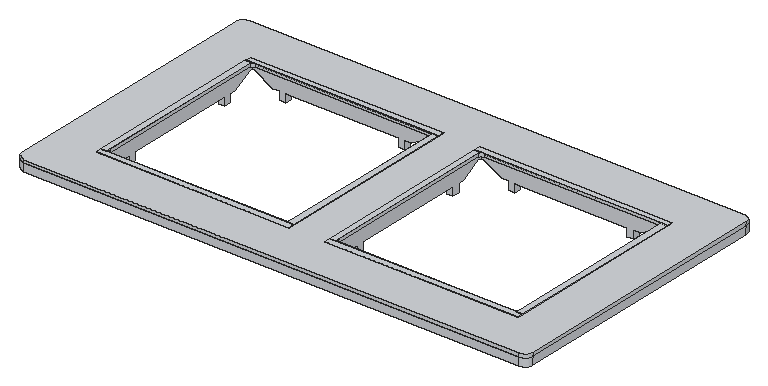
Revit family "Gira_0212095", category Electrical Fixtures, host Face, Revit 2017
Family settings
  Host = Face
  Maintain Annotation Orientation = No
  Round Connector Dimension = Use Diameter
  Part Type = Normal
  Cut with Voids When Loaded = No
  Shared = No
  Room Calculation Point = No
Parameters (values of type "Cov.fr. 2-g flat Gira E2 black m")
  URL = "http://katalog.gira.de/en/datenblatt.html?artikelnr=0212095"
  Transparent = "No"
  Name = "Cov.fr. 2-g flat Gira E2 black m"
  Manufacturer URL = "https://www.gira.de/"
  Manufacturer = "Gira"
  Label space/information surface = "No"
  Keynote = ""
  HeinzeBIM = "https://bimportal.heinze.de/bim/cov-fr-2-g-flat-gira-e2-black-m/b29439ce72c3b930c9daee5956fd7e10258e72eb"
  HAN = "0212095"
  GTIN = "4010337036777"
  Description = "Cov.fr.2g flat E2 BKm,Gira E2 cover frame for flat installation,black matt,2-gang,"
  Default Elevation = 1219.2 mm
  Data sheet (1) = "https://katalog.gira.de/en/download.html?artikelnr=0212095"
  Category = "Cover frame for domestic switching devices"
  BIM (1) = "https://media.stage.bim.site/public/gira/36a6b08/E2flach_Rahmen_2fach.rfa"
  Available = "No"
Reference planes
  plane 1 "Center (Front/Back)": y = 0
  plane 2: z = 0
  plane 3 "Center (Left/Right)": x = 0
Forms (mm)
  Extrusion 1, solid, detail levels fine
    sketch origin (0, 0, 0) x (1, 0, 0) y (0, 1, 0)
      loop
        arc (-77, 43.9) -> (-78.768, 43.168) -> (-79.5, 41.4) r 2.5
        line (-79.5, 41.4) -> (-79.5, -41.4)
        arc (-79.5, -41.4) -> (-78.768, -43.168) -> (-77, -43.9) r 2.5
        line (-77, -43.9) -> (77, -43.9)
        arc (77, -43.9) -> (78.768, -43.168) -> (79.5, -41.4) r 2.5
        line (79.5, -41.4) -> (79.5, 41.4)
        arc (79.5, 41.4) -> (78.768, 43.168) -> (77, 43.9) r 2.5
        line (77, 43.9) -> (-77, 43.9)
      loop
        spline (-63.744, -27.245) -> (-63.736, -27.363) -> (-63.713, -27.478) -> (-63.675, -27.589) -> (-63.623, -27.695) -> (-63.558, -27.792) -> (-63.481, -27.881) -> (-63.392, -27.958) -> (-63.295, -28.023) -> (-63.189, -28.075) -> (-63.078, -28.113) -> (-62.963, -28.136) -> (-62.845, -28.144)
        line (-62.845, -28.144) -> (-8.355, -28.144)
        spline (-8.355, -28.144) -> (-8.237, -28.136) -> (-8.122, -28.113) -> (-8.011, -28.075) -> (-7.905, -28.023) -> (-7.808, -27.958) -> (-7.719, -27.881) -> (-7.642, -27.792) -> (-7.577, -27.695) -> (-7.525, -27.589) -> (-7.487, -27.478) -> (-7.464, -27.363) -> (-7.456, -27.245)
        line (-7.456, -27.245) -> (-7.456, 27.245)
        spline (-7.456, 27.245) -> (-7.464, 27.363) -> (-7.487, 27.478) -> (-7.525, 27.589) -> (-7.577, 27.695) -> (-7.642, 27.792) -> (-7.719, 27.881) -> (-7.808, 27.958) -> (-7.905, 28.023) -> (-8.011, 28.075) -> (-8.122, 28.113) -> (-8.237, 28.136) -> (-8.355, 28.144)
        line (-8.355, 28.144) -> (-62.845, 28.144)
        spline (-62.845, 28.144) -> (-62.963, 28.136) -> (-63.078, 28.113) -> (-63.189, 28.075) -> (-63.295, 28.023) -> (-63.392, 27.958) -> (-63.481, 27.881) -> (-63.558, 27.792) -> (-63.623, 27.695) -> (-63.675, 27.589) -> (-63.713, 27.478) -> (-63.736, 27.363) -> (-63.744, 27.245)
        line (-63.744, 27.245) -> (-63.744, -27.245)
      loop
        spline (62.845, -28.144) -> (62.963, -28.136) -> (63.078, -28.113) -> (63.189, -28.075) -> (63.295, -28.023) -> (63.392, -27.958) -> (63.481, -27.881) -> (63.558, -27.792) -> (63.623, -27.695) -> (63.675, -27.589) -> (63.713, -27.478) -> (63.736, -27.363) -> (63.744, -27.245)
        line (63.744, -27.245) -> (63.744, 27.245)
        spline (63.744, 27.245) -> (63.736, 27.363) -> (63.713, 27.478) -> (63.675, 27.589) -> (63.623, 27.695) -> (63.558, 27.792) -> (63.481, 27.881) -> (63.392, 27.958) -> (63.295, 28.023) -> (63.189, 28.075) -> (63.078, 28.113) -> (62.963, 28.136) -> (62.845, 28.144)
        line (62.845, 28.144) -> (8.355, 28.144)
        spline (8.355, 28.144) -> (8.237, 28.136) -> (8.122, 28.113) -> (8.011, 28.075) -> (7.905, 28.023) -> (7.808, 27.958) -> (7.719, 27.881) -> (7.642, 27.792) -> (7.577, 27.695) -> (7.525, 27.589) -> (7.487, 27.478) -> (7.464, 27.363) -> (7.456, 27.245)
        line (7.456, 27.245) -> (7.456, -27.245)
        spline (7.456, -27.245) -> (7.464, -27.363) -> (7.487, -27.478) -> (7.525, -27.589) -> (7.577, -27.695) -> (7.642, -27.792) -> (7.719, -27.881) -> (7.808, -27.958) -> (7.905, -28.023) -> (8.011, -28.075) -> (8.122, -28.113) -> (8.237, -28.136) -> (8.355, -28.144)
        line (8.355, -28.144) -> (62.845, -28.144)
    from 2.5 to 3.4
  Extrusion 2, solid, detail levels fine
    sketch origin (0, 0, 0) x (1, 0, 0) y (0, 1, 0)
      loop
        arc (-77, 43.9) -> (-78.768, 43.168) -> (-79.5, 41.4) r 2.5
        line (-79.5, 41.4) -> (-79.5, -41.4)
        arc (-79.5, -41.4) -> (-78.768, -43.168) -> (-77, -43.9) r 2.5
        line (-77, -43.9) -> (77, -43.9)
        arc (77, -43.9) -> (78.768, -43.168) -> (79.5, -41.4) r 2.5
        line (79.5, -41.4) -> (79.5, 41.4)
        arc (79.5, 41.4) -> (78.768, 43.168) -> (77, 43.9) r 2.5
        line (77, 43.9) -> (-77, 43.9)
      loop
        arc (-77, 43.4) -> (-78.414, 42.814) -> (-79, 41.4) r 2
        line (-79, 41.4) -> (-79, -41.4)
        arc (-79, -41.4) -> (-78.414, -42.814) -> (-77, -43.4) r 2
        line (-77, -43.4) -> (77, -43.4)
        arc (77, -43.4) -> (78.414, -42.814) -> (79, -41.4) r 2
        line (79, -41.4) -> (79, 41.4)
        arc (79, 41.4) -> (78.414, 42.814) -> (77, 43.4) r 2
        line (77, 43.4) -> (-77, 43.4)
    from 0 to 2.5
  Extrusion 3, solid, detail levels fine
    sketch origin (-35.6, 0, 0) x (1, 0, 0) y (0, 0, 1)
      loop
        line (-17.5, -4.06) -> (-17.5, -1.56) -> (17.5, -1.56) -> (17.5, -4.06) -> (19.5, -4.06) -> (19.5, -1.56) -> (21.654, -1.56) -> (27.214, 1.65) -> (30, 1.65) -> (30, 3.4) -> (-30, 3.4) -> (-30, 1.65) -> (-27.214, 1.65) -> (-21.654, -1.56) -> (-19.5, -1.56) -> (-19.5, -4.06) -> (-17.5, -4.06)
    from 28.144 to 30
  Extrusion 4, solid, detail levels fine
    sketch origin (-35.6, 0, 0) x (0, -1, 0) y (0, 0, -1)
      loop
        line (-17.5, 4.06) -> (-19.5, 4.06) -> (-19.5, 1.56) -> (-21.654, 1.56) -> (-27.214, -1.65) -> (-28.144, -1.65) -> (-28.144, -3.4) -> (28.144, -3.4) -> (28.144, -1.65) -> (27.214, -1.65) -> (21.654, 1.56) -> (19.5, 1.56) -> (19.5, 4.06) -> (17.5, 4.06) -> (17.5, 1.56) -> (-17.5, 1.56) -> (-17.5, 4.06)
    from 28.144 to 30
  Extrusion 5, solid, detail levels medium
    sketch origin (-35.6, 0, 0) x (0, -1, 0) y (0, 0, 1)
      loop
        line (-17.5, -4.06) -> (-17.5, -1.56) -> (17.5, -1.56) -> (17.5, -4.06) -> (19.5, -4.06) -> (19.5, -1.56) -> (28.144, -1.56) -> (28.144, 3.4) -> (-28.144, 3.4) -> (-28.144, -1.56) -> (-19.5, -1.56) -> (-19.5, -4.06) -> (-17.5, -4.06)
    from 28.144 to 30
  Extrusion 6, solid, detail levels fine
    sketch origin (-35.6, 0, 0) x (1, 0, 0) y (0, 0, -1)
      loop
        line (-17.5, 4.06) -> (-19.5, 4.06) -> (-19.5, 1.56) -> (-21.654, 1.56) -> (-27.214, -1.65) -> (-30, -1.65) -> (-30, -3.4) -> (30, -3.4) -> (30, -1.65) -> (27.214, -1.65) -> (21.654, 1.56) -> (19.5, 1.56) -> (19.5, 4.06) -> (17.5, 4.06) -> (17.5, 1.56) -> (-17.5, 1.56) -> (-17.5, 4.06)
    from 28.144 to 30
  Extrusion 7, solid, detail levels coarse
    sketch origin (0, 0, 0) x (1, 0, 0) y (0, 1, 0)
      loop
        line (-79.5, 43.9) -> (-79.5, -43.9) -> (79.5, -43.9) -> (79.5, 43.9) -> (-79.5, 43.9)
    from -4.06 to 3.4
  Extrusion 8, solid, detail levels medium
    sketch origin (0, 0, 0) x (1, 0, 0) y (0, 1, 0)
      loop
        line (-79.5, 43.9) -> (-79.5, -43.9) -> (79.5, -43.9) -> (79.5, 43.9) -> (-79.5, 43.9)
    from 0 to 3.4
  Extrusion 9, solid, detail levels medium
    sketch origin (-35.6, 0, 0) x (1, 0, 0) y (0, 0, 1)
      loop
        line (-17.5, -4.06) -> (-17.5, -1.56) -> (17.5, -1.56) -> (17.5, -4.06) -> (19.5, -4.06) -> (19.5, -1.56) -> (30, -1.56) -> (30, 3.4) -> (-30, 3.4) -> (-30, -1.56) -> (-19.5, -1.56) -> (-19.5, -4.06) -> (-17.5, -4.06)
    from 28.144 to 30
  Extrusion 10, solid, detail levels medium
    sketch origin (-35.6, 0, 0) x (1, 0, 0) y (0, 0, -1)
      loop
        line (-17.5, 4.06) -> (-19.5, 4.06) -> (-19.5, 1.56) -> (-30, 1.56) -> (-30, -3.4) -> (30, -3.4) -> (30, 1.56) -> (19.5, 1.56) -> (19.5, 4.06) -> (17.5, 4.06) -> (17.5, 1.56) -> (-17.5, 1.56) -> (-17.5, 4.06)
    from 28.144 to 30
  Extrusion 11, solid, detail levels medium
    sketch origin (-35.6, 0, 0) x (0, -1, 0) y (0, 0, -1)
      loop
        line (-17.5, 4.06) -> (-19.5, 4.06) -> (-19.5, 1.56) -> (-28.144, 1.56) -> (-28.144, -3.4) -> (28.144, -3.4) -> (28.144, 1.56) -> (19.5, 1.56) -> (19.5, 4.06) -> (17.5, 4.06) -> (17.5, 1.56) -> (-17.5, 1.56) -> (-17.5, 4.06)
    from 28.144 to 30
  Extrusion 12, solid, detail levels fine
    sketch origin (35.6, 0, 0) x (-1, 0, 0) y (0, 0, -1)
      loop
        line (-17.5, 4.06) -> (-19.5, 4.06) -> (-19.5, 1.56) -> (-21.654, 1.56) -> (-27.214, -1.65) -> (-30, -1.65) -> (-30, -3.4) -> (30, -3.4) -> (30, -1.65) -> (27.214, -1.65) -> (21.654, 1.56) -> (19.5, 1.56) -> (19.5, 4.06) -> (17.5, 4.06) -> (17.5, 1.56) -> (-17.5, 1.56) -> (-17.5, 4.06)
    from 28.144 to 30
  Extrusion 13, solid, detail levels fine
    sketch origin (35.6, 0, 0) x (0, -1, 0) y (0, 0, 1)
      loop
        line (-17.5, -4.06) -> (-17.5, -1.56) -> (17.5, -1.56) -> (17.5, -4.06) -> (19.5, -4.06) -> (19.5, -1.56) -> (21.654, -1.56) -> (27.214, 1.65) -> (28.144, 1.65) -> (28.144, 3.4) -> (-28.144, 3.4) -> (-28.144, 1.65) -> (-27.214, 1.65) -> (-21.654, -1.56) -> (-19.5, -1.56) -> (-19.5, -4.06) -> (-17.5, -4.06)
    from 28.144 to 30
  Extrusion 14, solid, detail levels medium
    sketch origin (35.6, 0, 0) x (0, -1, 0) y (0, 0, -1)
      loop
        line (-17.5, 4.06) -> (-19.5, 4.06) -> (-19.5, 1.56) -> (-28.144, 1.56) -> (-28.144, -3.4) -> (28.144, -3.4) -> (28.144, 1.56) -> (19.5, 1.56) -> (19.5, 4.06) -> (17.5, 4.06) -> (17.5, 1.56) -> (-17.5, 1.56) -> (-17.5, 4.06)
    from 28.144 to 30
  Extrusion 15, solid, detail levels fine
    sketch origin (35.6, 0, 0) x (-1, 0, 0) y (0, 0, 1)
      loop
        line (-17.5, -4.06) -> (-17.5, -1.56) -> (17.5, -1.56) -> (17.5, -4.06) -> (19.5, -4.06) -> (19.5, -1.56) -> (21.654, -1.56) -> (27.214, 1.65) -> (30, 1.65) -> (30, 3.4) -> (-30, 3.4) -> (-30, 1.65) -> (-27.214, 1.65) -> (-21.654, -1.56) -> (-19.5, -1.56) -> (-19.5, -4.06) -> (-17.5, -4.06)
    from 28.144 to 30
  Extrusion 16, solid, detail levels medium
    sketch origin (35.6, 0, 0) x (-1, 0, 0) y (0, 0, -1)
      loop
        line (-17.5, 4.06) -> (-19.5, 4.06) -> (-19.5, 1.56) -> (-30, 1.56) -> (-30, -3.4) -> (30, -3.4) -> (30, 1.56) -> (19.5, 1.56) -> (19.5, 4.06) -> (17.5, 4.06) -> (17.5, 1.56) -> (-17.5, 1.56) -> (-17.5, 4.06)
    from 28.144 to 30
  Extrusion 17, solid, detail levels medium
    sketch origin (35.6, 0, 0) x (-1, 0, 0) y (0, 0, 1)
      loop
        line (-17.5, -4.06) -> (-17.5, -1.56) -> (17.5, -1.56) -> (17.5, -4.06) -> (19.5, -4.06) -> (19.5, -1.56) -> (30, -1.56) -> (30, 3.4) -> (-30, 3.4) -> (-30, -1.56) -> (-19.5, -1.56) -> (-19.5, -4.06) -> (-17.5, -4.06)
    from 28.144 to 30
  Extrusion 18, solid, detail levels medium
    sketch origin (35.6, 0, 0) x (0, -1, 0) y (0, 0, 1)
      loop
        line (-17.5, -4.06) -> (-17.5, -1.56) -> (17.5, -1.56) -> (17.5, -4.06) -> (19.5, -4.06) -> (19.5, -1.56) -> (28.144, -1.56) -> (28.144, 3.4) -> (-28.144, 3.4) -> (-28.144, -1.56) -> (-19.5, -1.56) -> (-19.5, -4.06) -> (-17.5, -4.06)
    from 28.144 to 30
  Extrusion 19, solid, detail levels fine
    sketch origin (-93.744, 0, 0) x (0, -1, 0) y (0, 0, -1)
      loop
        line (-17.5, 4.06) -> (-19.5, 4.06) -> (-19.5, 1.56) -> (-21.654, 1.56) -> (-27.214, -1.65) -> (-28.144, -1.65) -> (-28.144, -3.4) -> (28.144, -3.4) -> (28.144, -1.65) -> (27.214, -1.65) -> (21.654, 1.56) -> (19.5, 1.56) -> (19.5, 4.06) -> (17.5, 4.06) -> (17.5, 1.56) -> (-17.5, 1.56) -> (-17.5, 4.06)
    from 28.144 to 30
  Extrusion 20, solid, detail levels fine
    sketch origin (93.744, 0, 0) x (0, -1, 0) y (0, 0, 1)
      loop
        line (-17.5, -4.06) -> (-17.5, -1.56) -> (17.5, -1.56) -> (17.5, -4.06) -> (19.5, -4.06) -> (19.5, -1.56) -> (21.654, -1.56) -> (27.214, 1.65) -> (28.144, 1.65) -> (28.144, 3.4) -> (-28.144, 3.4) -> (-28.144, 1.65) -> (-27.214, 1.65) -> (-21.654, -1.56) -> (-19.5, -1.56) -> (-19.5, -4.06) -> (-17.5, -4.06)
    from 28.144 to 30
Dimensions and locks
  aligned and locked: plane 2 to host face
  aligned and locked: level to host face
